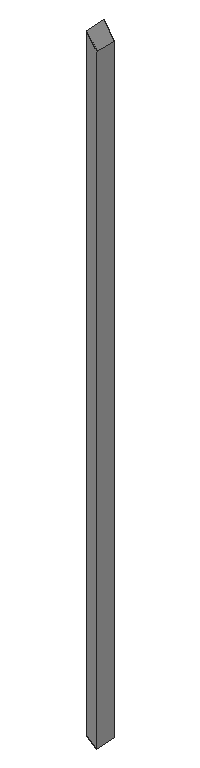
Revit family "EFStud", category Generic Models, host Wall, Revit 2020
Family settings
  Host = Wall
  Can host rebar = No
  Round Connector Dimension = Use Diameter
  Part Type = Normal
  Always vertical = Yes
  Cut with Voids When Loaded = No
  Shared = No
  Room Calculation Point = No
Parameters (values of type "EFStud 2X4")
  b = 0' - 1 1/2"
  TopAngle [instance] = 30.00°
  Material [instance] = Wood
  Height [instance] = 8' - 8 3/32"
  d = 0' - 3 1/2"
  Default Elevation = 0' - 0"
  BottomAngle [instance] = 130.00°
  BWType [instance] = "Stud"
  BWSECID [instance] = "0||WCLIB WWPA|32.21|2|0|0|1600|0|580|0|900|900|625|1350|575|180|0|1.5|4|No. 2|DOUGLAS FIR-LARCH||0||2x6|1.5|5.5|0|1|4"
Reference planes (in)
  plane 1: y = 0
  plane 2 "Center (Left/Right)": x = 0
  plane 3 "Wall Edge": y = 2.75
  plane 4: x = 1.5
  plane 5: z = 116.09375
Forms (in)
  Extrusion 1, solid, material "Wood" <- "Material"
    sketch origin (0, 2.75, 0) x (1, 0, 0) y (0, 0, 1)
      loop
        line (0, 104.09375) -> (0, 0) -> (1.5, -1.25865) -> (1.5, 101.49567) -> (0, 104.09375)
    from 0 to 3.5 <- "d"
Text (in)
  text "Placement Side" at (0, 40.15149, 123.01588), in view "Right"
  text "Placement Side" at (-70.3804, 28.46503, 0), in view "Ref. Level"
  text "Placement Side" at (0, 81.62555, 140.59947), in view "Left"
Dimensions and locks (in)
  locked: plane 3 "Wall Edge" to host wall
  "b": plane 4 to plane 2 "Center (Left/Right)"
  plane 5 to level = 9' - 8 3/32"
  "Height": Extrusion 1 sketch curve to Extrusion 1 sketch curve
  "TopAngle": angle Extrusion 1 sketch curve to Extrusion 1 sketch curve
  "BottomAngle": angle Extrusion 1 sketch curve to plane 2 "Center (Left/Right)"
Automatic sketch dimensions
  Extrusion 1 sketch curve to plane 2 "Center (Left/Right)" = 0' - 0"
  Extrusion 1 sketch curve to plane 4 = 0' - 0"
  Extrusion 1 sketch curve to level = 0' - 0"
